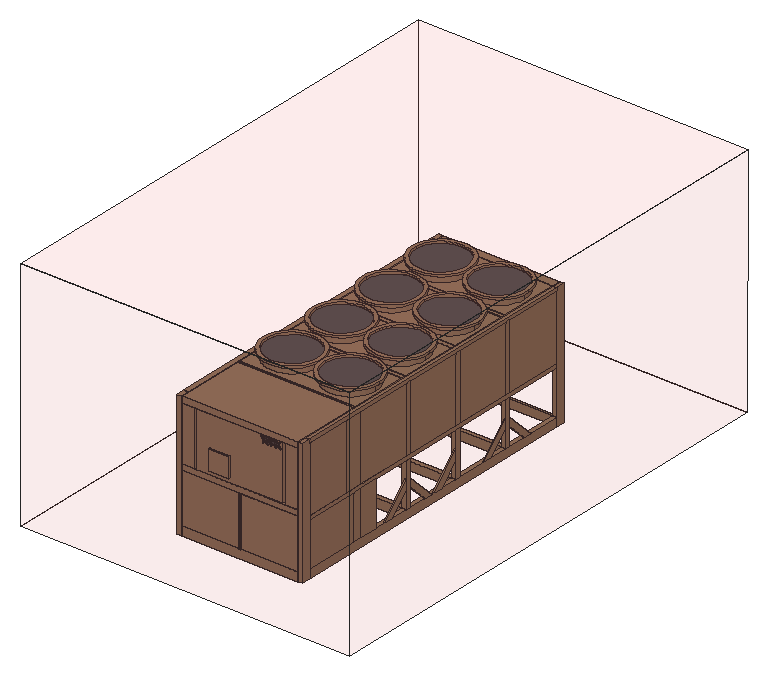
Revit family
Parameters (values of type "157 Ton - S - 200V/60Hz/3Ph")
  Width = 88 1/8"
  Water Supply Connection Offset Return _ On Center = 84 1/2"
  Water Return Connection Offset Front _ On Center = 112 205/256"
  Total Cooling Capacity [instance] = 0.00 ton
  Right Side Connections [instance] = not(Left Side Connections)  # no
  Refrigerant Used = ""
  Power Factor = 0.8  # constant formula
  Optional Sound Panels [instance] = yes
  Number of Fans = 8
  Number of Compressors = 2
  Number of Circuits = 2
  Nominal Cooling Capacity = 0.00 ton
  Minimum Design Evaporator Flow = 0 GPM
  Maximum Design Evaporator Flow = 748 GPM
  Left Side Connections [instance] = yes
  Frame Finish = Paint - JCI - Powder - Brown
  Family Revision Date = "06/01/2010"  # constant formula
  Evaporator Water Connection Radius = Evaporator Water Connection Diameter / 2  # 5"
  Water Outlet Description = "Water Supply Connector"  # constant formula
  Water Inlet Description = "Water Return Connector"  # constant formula
  Water Connection Offset Left = 28 13/128"
  Water Connection Offset Bottom _ On Center = 19 13/128"
  Voltage = 0 V
  URL = "http://www.johnsoncontrols.com/publish/us/en.html"
  System Two Compressor One Running Load Current = 0 A
  System One Compressor One Running Load Current = 0 A
  Serial Number [instance] = ""
  Refrigerant Charge System Two = 170.00 lbf
  Refrigerant Charge System One = 170.00 lbf
  Product Page URL = "http://www.johnsoncontrols.com/publish/us/en/products/building_efficiency/integrated_hvac_systems/Industrial___Commercial_HVAC_Equipment/chiller_products/screw__air-cooled0.html"
  Product Documentation Link = "http://www.johnsoncontrols.com/publish/etc/medialib/jci/be/integrated_hvac_systems/hvac_equipment/chiller_products/aircooledscrew.Par.53612.File.dat/EngineeringGuide20123.pdf"
  Outdoor Ambient Temperature [instance] = -459.67 °F
  OmniClass Title = "Rotary-Screw Water Chillers"  # constant formula
  OmniClass Number = "23.75.10.24.21.21.21"  # constant formula
  Number of Poles = 3
  Model = "YCIV0157SA17"
  Minimum Circuit Current = 0 A
  Maximum Overcurrent Protection = 0 A
  Manufacturer = "Johnson Controls, Inc."  # constant formula
  Length = 230"
  Leaving Chilled Water Temperature [instance] = -459.67 °F
  Keynote = "15700"
  Integrated Part Load Value = 0
  Height = 93 15/16"
  Frequency = 60 Hz  # constant formula
  Frame Material = Metal - York - Galvanized Steel
  Frame Height = Height - 6"  # 87 15/16"
  Fan Guard Material = Plastic - York - PVC - Coated
  Evaporator Water Volume = 0.0 gal
  Evaporator Water Connection Diameter = 10"
  Evaporator Radius = Water Connection Offset Bottom _ On Center - 6"  # 13 13/128"
  Evaporator Pressure Drop [instance] = 0.00 psi
  Evaporator Offset Left = Width / 2 - Water Connection Offset Left  # 15 123/128"
  Evaporator Material = Metal - York - Steel
  Evaporator Length = 110"  # constant formula
  Evaporator Angle [instance] = if(Left Side Connections, 90.00°, 270.00°)  # 90.00°
  Energy Efficiency Rating = 0
  Electrical Connector Description = "Electrical Supply Connector"  # constant formula
  Description = "Air-Cooled Screw Compressor Liquid Chiller"  # constant formula
  Copyright © = "Copyright © 2001-2009 Johnson Controls"  # constant formula
  Control KVA = 1.80 kVA  # 1800.00 VA
  Connector Offset [instance] = if(Left Side Connections, 60 1/32", 28 3/32")  # 60 1/32"
  Connector Angle [instance] = if(Left Side Connections, 180.00°, 0.00°)  # 180.00°
  Condenser Fins per Inch = 17  # constant formula
  Condenser Fan Full Load Current = 0 A
  Condenser Coil Row Count = 3  # constant formula
  Compressor Power [instance] = 0.00 kVA
  Compressor Material = Metal - York - Steel - Black Coated
  Clearance Visibility [instance] = yes
  Clearance Offset Top = 72"  # constant formula
  Clearance Offset Right = 72"  # constant formula
  Clearance Offset Left = 72"  # constant formula
  Clearance Offset Front = 48"  # constant formula
  Clearance Offset Bottom = 0"  # constant formula
  Clearance Offset Back = 72"  # constant formula
  Assembly Code = "D3030100"
  Apparent Load = 1800.00 VA
  Actual Evaporator Supply Flow [instance] = 0 GPM
  Actual Evaporator Return Flow [instance] = 0 GPM
Reference planes (in)
  plane 1 "Center (Front/Back)": y = -5
  plane 2 "Bottom": z = 0
  plane 3 "Center (Left/Right)": x = -3.09675
  plane 4 "Left": x = -47.15925
  plane 5 "Right": x = 40.96575
  plane 6 "Back": y = 110
  plane 7 "Front": y = -120
  plane 8 "Top": z = 93.9375
  plane 9 "Fan Row One": y = -48.48125
  plane 10 "Fan Row Two": y = -4.8125
  plane 11 "Fan Row Three": y = 38.84375
  plane 12 "Fan Row Four": y = 82.5
  plane 13 "Fan Column One": x = -23.628
  plane 14 "Fan Column Two": x = 17.4345
  plane 15 "Logo Inset": x = 18.4345
  plane 16 "Logo Elevation": z = 82.9375
  plane 17 "Frame Floor": z = 6
  plane 18 "Water In Depth": y = -7.19922
  plane 19 "Water Out Depth": y = 77.30078
  plane 20 "Water Connectors Inside Depth": x = -19.05768
  plane 21 "Water Connection Height": z = 19.10156
  plane 22 "Compressors": y = -54
  plane 23 "Frame Top": z = 87.9375
  plane 24 "Top Frame Bottom": z = 83.9375
  plane 25 "Middle Frame Front": z = 41.3125
  plane 26 "Middle Frame Bottom": z = 37
  plane 27 "Connection Reference": x = -19.0655
Forms (in)
  Revolve 1, void
    sketch origin (0, -7.19922, 0) x (-1, 0, 0) y (0, 0, 1)
      loop
        line (19.05768, 19.10156) -> (17.80768, 19.10156) -> (17.80768, 17.85156) -> (19.05768, 17.85156) -> (19.05768, 19.10156)
      axis (19.05768, 19.10156) -> (17.80768, 19.10156)
    angle from 0 to 360
  Revolve 2, void
    sketch origin (0, 77.30078, 0) x (-1, 0, 0) y (0, 0, 1)
      loop
        line (19.05768, 19.10156) -> (19.05768, 20.85156) -> (17.80768, 20.85156) -> (17.80768, 19.10156) -> (19.05768, 19.10156)
      axis (17.80768, 19.10156) -> (19.05768, 19.10156)
    angle from 0 to 360
Dimensions and locks (in)
  equal spacing: plane 4 "Left", plane 3 "Center (Left/Right)", plane 5 "Right"
  "Width": plane 4 "Left" to plane 5 "Right"
  equal spacing: plane 6 "Back", plane 1 "Center (Front/Back)", plane 7 "Front"
  "Length": plane 6 "Back" to plane 7 "Front"
  "Height": plane 8 "Top" to plane 2 "Bottom"
  locked: plane 7 "Front" to plane 9 "Fan Row One" at 71.51875
  locked: plane 9 "Fan Row One" to plane 10 "Fan Row Two" at 43.66875
  locked: plane 10 "Fan Row Two" to plane 11 "Fan Row Three" at 43.65625
  locked: plane 11 "Fan Row Three" to plane 12 "Fan Row Four" at 43.65625
  locked: plane 14 "Fan Column Two" to plane 5 "Right" at 23.53125
  locked: plane 4 "Left" to plane 13 "Fan Column One" at 23.53125
  locked: plane 8 "Top" to plane 16 "Logo Elevation" at 11
  locked: plane 17 "Frame Floor" to plane 2 "Bottom" at 6
  "Water Return Connection Offset Front _ On Center": plane 18 "Water In Depth" to plane 7 "Front"
  "Water Supply Connection Offset Return _ On Center": plane 19 "Water Out Depth" to plane 18 "Water In Depth"
  "Water Connection Offset Left": plane 4 "Left" to plane 20 "Water Connectors Inside Depth"
  "Water Connection Offset Bottom _ On Center": plane 21 "Water Connection Height" to plane 2 "Bottom"
  locked: plane 7 "Front" to plane 22 "Compressors" at 66
  locked: plane 15 "Logo Inset" to plane 5 "Right" at 22.53125
  "Frame Height": plane 23 "Frame Top" to plane 2 "Bottom"
  "Evaporator Offset Left": Revolve 1 sketch curve to Revolve 1 sketch curve
  locked: Revolve 1 sketch curve to Revolve 1 sketch curve at 1.25  (x2)
  "Evaporator Offset Left": Revolve 2 sketch curve to Revolve 2 sketch curve
  locked: Revolve 2 sketch curve to Revolve 2 sketch curve at 1.25
  locked: Revolve 2 sketch curve to Revolve 2 sketch curve at 1.75
  "Connector Offset": plane 27 "Connection Reference" to plane 5 "Right"
  "Evaporator Angle": angle plane 21 "Water Connection Height" to nested 10
  "Connector Angle": angle Revolve 1 sketch curve to plane 21 "Water Connection Height"
  locked: Revolve 1 sketch curve to Revolve 1 sketch curve (angle 90.00°)  (x4)
  "Connector Angle": angle plane 21 "Water Connection Height" to Revolve 2 sketch curve
  locked: Revolve 2 sketch curve to Revolve 2 sketch curve (angle 90.00°)  (x4)
  aligned and locked: nested 1 to plane 13 "Fan Column One"
  aligned and locked: nested 1 to plane 9 "Fan Row One"
  aligned and locked: nested 2 to plane 9 "Fan Row One"
  aligned and locked: nested 2 to plane 14 "Fan Column Two"
  aligned and locked: nested 8 to plane 12 "Fan Row Four"
  aligned and locked: nested 7 to plane 12 "Fan Row Four"
  aligned and locked: nested 6 to plane 11 "Fan Row Three"
  aligned and locked: nested 5 to plane 11 "Fan Row Three"
  aligned and locked: nested 3 to plane 10 "Fan Row Two"
  aligned and locked: nested 4 to plane 10 "Fan Row Two"
  aligned and locked: nested 8 to plane 14 "Fan Column Two"
  aligned and locked: nested 5 to plane 14 "Fan Column Two"
  aligned and locked: nested 4 to plane 14 "Fan Column Two"
  aligned and locked: nested 7 to plane 13 "Fan Column One"
  aligned and locked: nested 6 to plane 13 "Fan Column One"
  aligned and locked: nested 3 to plane 13 "Fan Column One"
  aligned and locked: plane 16 "Logo Elevation" to nested 9
  aligned and locked: plane 7 "Front" to nested 9
  aligned and locked: nested 9 to plane 15 "Logo Inset"
  aligned and locked: nested 10 to plane 18 "Water In Depth"
  aligned and locked: plane 4 "Left" to nested 11
  aligned and locked: plane 6 "Back" to nested 11
  aligned and locked: plane 17 "Frame Floor" to nested 11
  aligned and locked: plane 17 "Frame Floor" to nested 12
  aligned and locked: plane 17 "Frame Floor" to nested 13
  aligned and locked: nested 12 to plane 22 "Compressors"
  aligned and locked: nested 13 to plane 22 "Compressors"
  aligned and locked: plane 14 "Fan Column Two" to nested 13
  aligned and locked: plane 13 "Fan Column One" to nested 12
  aligned and locked: nested 14 to plane 5 "Right"
  aligned and locked: plane 7 "Front" to nested 14
  aligned and locked: nested 15 to plane 4 "Left"
  aligned and locked: plane 2 "Bottom" to nested 15
  aligned and locked: plane 19 "Water Out Depth" to nested 16
  aligned and locked: plane 3 "Center (Left/Right)" to nested 16
  aligned and locked: plane 8 "Top" to nested 2
  aligned and locked: plane 8 "Top" to nested 1
  aligned and locked: plane 8 "Top" to nested 4
  aligned and locked: plane 8 "Top" to nested 3
  aligned and locked: plane 8 "Top" to nested 5
  aligned and locked: plane 8 "Top" to nested 6
  aligned and locked: plane 8 "Top" to nested 8
  aligned and locked: plane 8 "Top" to nested 7
  aligned and locked: nested 17 to plane 1 "Center (Front/Back)"
  aligned and locked: nested 17 to plane 3 "Center (Left/Right)"
  aligned and locked: nested 17 to plane 2 "Bottom"
  aligned and locked: nested 10 to plane 3 "Center (Left/Right)"
  aligned and locked: plane 21 "Water Connection Height" to nested 10
  aligned and locked: plane 3 "Center (Left/Right)" to Revolve 1 sketch curve
  aligned and locked: plane 21 "Water Connection Height" to Revolve 1 sketch curve
  aligned and locked: Revolve 1 sketch curve to Revolve 1 sketch curve  (x2)
  aligned and locked: plane 3 "Center (Left/Right)" to Revolve 2 sketch curve
  aligned and locked: plane 21 "Water Connection Height" to Revolve 2 sketch curve
  aligned and locked: Revolve 2 sketch curve to Revolve 2 sketch curve
  aligned and locked: nested 18 to plane 7 "Front"
  aligned and locked: nested 18 to plane 3 "Center (Left/Right)"
  aligned and locked: nested 19 to plane 5 "Right"
  aligned and locked: nested 19 to plane 2 "Bottom"
  aligned and locked: plane 3 "Center (Left/Right)" to nested 20
  aligned and locked: nested 20 to plane 19 "Water Out Depth"
  aligned and locked: nested 20 to plane 21 "Water Connection Height"
Automatic sketch dimensions
  Revolve 2 sketch curve to plane 21 "Water Connection Height" = 0"
Nested families (in)
  nested 1: "Fan_Guard-York-YCIV" at (-23.628, -48.48125, 87.9375), type "Fan Guard"
  nested 2: "Fan_Guard-York-YCIV" at (17.4345, -48.48125, 87.9375), type "Fan Guard"
  nested 3: "Fan_Guard-York-YCIV" at (-23.628, -4.8125, 87.9375), type "Fan Guard"
  nested 4: "Fan_Guard-York-YCIV" at (17.4345, -4.8125, 87.9375), type "Fan Guard"
  nested 5: "Fan_Guard-York-YCIV" at (17.4345, 38.84375, 87.9375), type "Fan Guard"
  nested 6: "Fan_Guard-York-YCIV" at (-23.628, 38.84375, 87.9375), type "Fan Guard"
  nested 7: "Fan_Guard-York-YCIV" at (-23.628, 82.5, 87.9375), type "Fan Guard"
  nested 8: "Fan_Guard-York-YCIV" at (17.4345, 82.5, 87.9375), type "Fan Guard"
  nested 9: "Logo-York-YCAV Lettering" at (18.4345, -120.25, 78.9375), type "Logo"
  nested 10: "Evaporator-York-Small" at (-3.09675, 35.05078, 19.10156) x (-1, 0, 0) z (0, 0, 1), type "Evaporator"
    with Width 84 1/2", Water Pipe Radius 5", Water Connection Offset Right 15 123/128", Length 110", Evaporator Radius 13 13/128"
  nested 11: "Box_Frame-York-YCIV-4_Row" at (-3.09675, -5, 0), type "4 Row Box"
  nested 12: "Compressor-York-Screw" at (-31.628, -72, 6), type "Compressor"
  nested 13: "Compressor-York-Screw" at (25.4345, -72, 6), type "Compressor"
  nested 14: "Liquid Chiller, Direct Expansion Plan View" at (-40.62702, 5.59431, 0), visible <- "Left Side Connections", type "Liquid Chiller, Direct Expansion"
    with Pipe Gap 84 1/2"
  nested 15: "Liquid Chiller, Direct Expansion Right View" at (-33.23038, -5, 28.69587) x (1, 0, 0) z (0, -1, 0), visible <- "Left Side Connections", type "Liquid Chiller, Direct Expansion Right View"
    with Pipe Height 19 13/128", Pipe Depth 44 1/16", Height 87 15/16", Depth 88 1/8", Arrow Width 4.40156", Arrow Length 17.60625", Arrow Height 1.10039", Arrow Depth 8.80313"
  nested 16: "Liquid Chiller, Direct Expansion 3_D" at (-25.128, 35.05078, 0) x (0, -1, 0) z (0, 0, 1), visible <- "Left Side Connections", type "Liquid Chiller, Direct Expansion 3_D"
    with Width 84 1/2", Right Pipe Elevation 19 13/128", Left Pipe Elevation 19 13/128", Depth 44 1/16"
  nested 17: "Include Clearance" at (-3.09675, -5, 0), visible <- "Clearance Visibility", type "Include Clearance"
    with Width 88 1/8", Height 93 15/16", Depth 230", Clearance Top 72", Clearance Right 72", Clearance Left 72", Clearance Front 48", Clearance Bottom 0", Clearance Back 72"
  nested 18: "Liquid Chiller, Direct Expansion Plan View" at (34.43353, 5.59431, 0) x (-1, 0, 0) z (0, 0, 1), visible <- "Right Side Connections", type "Liquid Chiller, Direct Expansion"
    with Pipe Gap 84 1/2"
  nested 19: "Liquid Chiller, Direct Expansion Right View" at (27.03689, -5, 28.69587) x (-1, 0, 0) z (0, -1, 0), visible <- "Right Side Connections", type "Liquid Chiller, Direct Expansion Right View"
    with Pipe Height 19 13/128", Pipe Depth 44 1/16", Height 87 15/16", Depth 88 1/8", Arrow Width 4.40156", Arrow Length 17.60625", Arrow Height 1.10039", Arrow Depth 8.80313"
  nested 20: "Liquid Chiller, Direct Expansion 3_D" at (18.9345, 35.05078, 0) x (0, -1, 0) z (0, 0, 1), visible <- "Right Side Connections", type "Liquid Chiller, Direct Expansion 3_D"
    with Width 84 1/2", Right Pipe Elevation 19 13/128", Left Pipe Elevation 19 13/128", Depth 44 1/16"
Connectors (in)
  electrical at (-14.0625, -121, 55.3125), driven by "Power Factor", driven by "Voltage", driven by "Number of Poles", driven by "Electrical Connector Description", driven by "Apparent Load"
    settings: on nested 11, index 3
  piping at (-19.05768, -7.19922, 19.10156), driven by "Actual Evaporator Return Flow", driven by "Evaporator Water Connection Radius", driven by "Water Inlet Description"
    settings: on Revolve 1, index 4
  piping at (-19.05768, 77.30078, 19.10156), driven by "Actual Evaporator Supply Flow", driven by "Evaporator Pressure Drop", driven by "Evaporator Water Connection Radius", driven by "Water Outlet Description"
    settings: on Revolve 2, index 5
Definition of nested family "Fan_Guard-York-YCIV"
  Parameters (values of type "Fan Guard")
    Width = 40 11/16"  # constant formula
    Model = "York YCIV Fan Guard"  # constant formula
    Manufacturer = "York"  # constant formula
    Box Frame Material = Metal - York - Galvanized Steel
    Assembly Code = ""
  Reference planes (in)
    plane 1 "Center (Front/Back)": y = 0
    plane 2 "Fan Guard Bottom": z = 0
    plane 3 "Center (Left/Right)": x = 0
    plane 4 "Fan Guard Top": z = 4.6875
    plane 5 "Fan Rim Top": z = 6
    plane 6 "Front": y = -20.34375
    plane 7 "Back": y = 20.34375
    plane 8 "Back Inset": y = 17.90625
    plane 9 "Front Inset": y = -17.9
    plane 10 "Left": x = -20.34375
    plane 11 "Right Inset": x = 17.89844
    plane 12 "Right": x = 20.34375
    plane 13 "Left Inset": x = -17.89844
  Forms (in)
    Sweep 1, solid, material "Metal - York - Galvanized Steel" <- "Box Frame Material", detail levels fine
      path origin (0, 0, 0) x (1, 0, 0) y (0, 0, 1)
        loop
          line (0, 0) -> (0, 4.6875)
      profile origin (0, 0, 2.34375) x (-1, 0, 0) y (0, -1, 0)
        loop
          circle (0, 0) r 17.90625
    Sweep 2, solid, material "Metal - York - Galvanized Steel" <- "Box Frame Material", detail levels fine
      path origin (0, 0, 0) x (1, 0, 0) y (0, 0, 1)
        loop
          line (0, 4.6875) -> (0, 6)
      profile origin (0, 0, 5.34375) x (-1, 0, 0) y (0, -1, 0)
        loop
          circle (0, 0) r 20.25
        loop
          circle (0, 0) r 17.90625
  Lines and regions (in)
    Masking region 1, detail levels fine
      outline origin (0, 0, 0) x (1, 0, 0) y (0, 0, 1)
        loop
          line (20.34375, 6) -> (-20.34375, 6) -> (-20.34375, 4.6875) -> (20.34375, 4.6875) -> (20.34375, 6)
    Masking region 2, detail levels medium+fine
      outline origin (0, 0, 0) x (1, 0, 0) y (0, 0, 1)
        loop
          line (17.89844, 4.6875) -> (-17.89844, 4.6875) -> (-17.89844, 0) -> (17.89844, 0) -> (17.89844, 4.6875)
    Masking region 3, detail levels fine
      outline origin (0, 0, 0) x (0, 1, 0) y (0, 0, 1)
        loop
          line (20.34375, 6) -> (-20.34375, 6) -> (-20.34375, 4.6875) -> (20.34375, 4.6875) -> (20.34375, 6)
    Masking region 4, detail levels medium+fine
      outline origin (0, 0, 0) x (0, 1, 0) y (0, 0, 1)
        loop
          line (17.90625, 4.6875) -> (-17.9, 4.6875) -> (-17.9, 0) -> (17.90625, 0) -> (17.90625, 4.6875)
    symbolic lines, style "Fan Guard Medium", detail levels medium+fine
      curve 1: circle (0, 0, 0) r 20.25 normal (0, 0, 1)
    symbolic lines, style "Fan Guard Fine", detail levels fine
      curve 2: circle (0, 0, 0) r 18 normal (0, 0, 1)
    model lines, style "Fan Guard Fine", detail levels medium
      curve 3: circle (0, 0, 4.6875) r 17.90625 normal (0, 0, 1)
      curve 4: circle (0, 0, 0) r 17.90625 normal (0, 0, 1)
  Dimensions and locks (in)
    locked: plane 5 "Fan Rim Top" to plane 2 "Fan Guard Bottom" at 6
    locked: plane 5 "Fan Rim Top" to plane 4 "Fan Guard Top" at 1.3125
    equal spacing: plane 6 "Front", plane 1 "Center (Front/Back)", plane 7 "Back"
    "Width": plane 6 "Front" to plane 7 "Back"
    equal spacing: plane 10 "Left", plane 3 "Center (Left/Right)", plane 12 "Right"
    "Width": plane 10 "Left" to plane 12 "Right"
    locked: plane 6 "Front" to plane 9 "Front Inset" at 2.44375
    locked: plane 8 "Back Inset" to plane 7 "Back" at 2.4375
    locked: plane 10 "Left" to plane 13 "Left Inset" at 2.44531
    locked: plane 11 "Right Inset" to plane 12 "Right" at 2.44531
    locked: plane 1 "Center (Front/Back)" to Sweep 1 sketch curve at 17.90625
    locked: plane 3 "Center (Left/Right)" to Sweep 1 sketch curve at 17.90625
    locked: plane 1 "Center (Front/Back)" to Sweep 2 sketch curve at 17.90625
    locked: plane 3 "Center (Left/Right)" to Sweep 2 sketch curve at 17.90625
    locked: plane 3 "Center (Left/Right)" to Sweep 2 sketch curve at 20.25
    locked: Sweep 2 sketch curve to plane 1 "Center (Front/Back)" at 20.25
    locked: plane 1 "Center (Front/Back)" to curve 2 at 18
    locked: plane 3 "Center (Left/Right)" to curve 2 at 18
    locked: curve 1 to plane 1 "Center (Front/Back)" at 20.25
    locked: curve 1 to plane 3 "Center (Left/Right)" at 20.25
    plane 1 "Center (Front/Back)" to curve 3 = 17 29/32"
    plane 3 "Center (Left/Right)" to curve 3 = 17 29/32"
    radius of curve 3 = 17 29/32"
    aligned and locked: Masking region 2 to plane 2 "Fan Guard Bottom"
    aligned and locked: plane 4 "Fan Guard Top" to Sweep 1
    aligned and locked: plane 4 "Fan Guard Top" to Sweep 1 sketch curve
    aligned and locked: plane 2 "Fan Guard Bottom" to Sweep 1 sketch curve
    aligned and locked: plane 4 "Fan Guard Top" to Masking region 4 sketch curve
    aligned and locked: plane 9 "Front Inset" to Masking region 4 sketch curve
    aligned and locked: Masking region 4 sketch curve to plane 8 "Back Inset"
    aligned and locked: Masking region 4 sketch curve to plane 2 "Fan Guard Bottom"
    aligned and locked: plane 6 "Front" to Masking region 3 sketch curve
    aligned and locked: Masking region 3 sketch curve to plane 4 "Fan Guard Top"
    aligned and locked: plane 5 "Fan Rim Top" to Masking region 3 sketch curve
    aligned and locked: Masking region 3 sketch curve to plane 7 "Back"
    aligned and locked: Masking region 2 sketch curve to plane 2 "Fan Guard Bottom"
    aligned and locked: plane 5 "Fan Rim Top" to Masking region 1 sketch curve
    aligned and locked: Masking region 1 sketch curve to plane 12 "Right"
    aligned and locked: plane 5 "Fan Rim Top" to Sweep 2 sketch curve
    aligned and locked: plane 4 "Fan Guard Top" to Sweep 2 sketch curve
    aligned and locked: plane 3 "Center (Left/Right)" to Sweep 2 sketch curve
    aligned and locked: plane 13 "Left Inset" to Masking region 2 sketch curve
    aligned and locked: Masking region 2 sketch curve to plane 11 "Right Inset"
    aligned and locked: plane 10 "Left" to Masking region 1 sketch curve
    aligned and locked: Masking region 1 sketch curve to plane 4 "Fan Guard Top"
    aligned and locked: curve 4 to Sweep 2
    aligned and locked: curve 3 to Sweep 2
    aligned and locked: plane 4 "Fan Guard Top" to Masking region 2
  Automatic sketch dimensions
    Sweep 1 sketch curve to plane 3 "Center (Left/Right)" = 0"
    plane 4 "Fan Guard Top" to Masking region 2 sketch curve = 0"
    Sweep 1 sketch curve to plane 1 "Center (Front/Back)" = 0"
    Sweep 2 sketch curve to Sweep 2 sketch curve = 0"
    Sweep 2 sketch curve to profile plane = 0"
    curve 1 to curve 2 = 0"
    curve 2 to plane 3 "Center (Left/Right)" = 0"
Definition of nested family "Logo-York-YCAV Lettering"
  Parameters (values of type "Logo")
    Model = "York Logo"  # constant formula
    Manufacturer = "York"  # constant formula
    Lettering Finish = Paint - York - Black
    Assembly Code = ""
  Reference planes (in)
    plane 1 "Center (Front/Back)": y = 0
    plane 2 "Lettering Bottom": z = 0
    plane 3 "Center (Left/Right)": x = 0
    plane 4 "Lettering Top": z = 4
    plane 5 "R Left": x = 0.25
    plane 6 "R Outside Right Leg": x = 3.75
    plane 7 "Left K": x = 4
    plane 8 "Right": x = 7.5
    plane 9 "R Left Inside": x = 1
    plane 10 "Y Top Point Right Outside": x = -2.98185
    plane 11 "Y Top Point Right Inside": x = -3.76815
    plane 12 "Left": x = -6.52542
    plane 13 "Back": y = 0.25
    plane 14 "Top Point of Y Left": x = -5.75
    plane 15 "Y Center": x = -4.75
    plane 16 "Y Left": x = -5.125
    plane 17 "Y Right": x = -4.375
    plane 18 "O Center": x = -1.75
    plane 19 "Y Top V": z = 2.57185
    plane 20 "R Right Inside Points": x = 2.68153
    plane 21 "R Right Inside Points Top": x = 2.75
    plane 22 "R Right Leg Inside": x = 3
    plane 23: x = 3.46911
    plane 24 "K Left Inside": x = 4.75
    plane 25 "Bottom K Point": x = 5.30549
    plane 26 "Right K Inside Point": x = 5.91136
    plane 27 "Top K Inside Point": x = 6.375
    plane 28 "Bottom K Inside Point": x = 6.58116
    plane 29 "Bottom of Inside R": z = 2.375
    plane 30 "Top of Bottom R": z = 1.625
    plane 31 "Left Point of Bottom K": z = 1.25
    plane 32 "Top Point of Bottom K": z = 1.82185
    plane 33 "Y Outside Edge Point": z = 2
    plane 34 "Top of R Inside": z = 3.25
  Forms (in)
    Extrusion 1, solid, material "Paint - York - Black" <- "Lettering Finish", detail levels fine
      sketch origin (1, 0, 0) x (1, 0, 0) y (0, 0, 1)
        loop
          line (-7.52542, 4) -> (-6.125, 2) -> (-6.125, 0) -> (-5.375, 0) -> (-5.375, 2) -> (-4, 4) -> (-4.76815, 4) -> (-5.75, 2.57185) -> (-6.75, 4) -> (-7.52542, 4)
      from 0 to -0.25
    Extrusion 2, solid, material "Paint - York - Black" <- "Lettering Finish", detail levels fine
      sketch origin (0.25, 0, 0) x (1, 0, 0) y (0, 0, 1)
        loop
          spline (-2, 0) -> (-1.54707, 0.06815) -> (-1.125, 0.26795) -> (-0.76256, 0.58579) -> (-0.48446, 1) -> (-0.30963, 1.48236) -> (-0.25, 2) -> (-0.30963, 2.51764) -> (-0.48446, 3) -> (-0.76256, 3.41421) -> (-1.125, 3.73205) -> (-1.54707, 3.93185) -> (-2, 4)
          spline (-2, 4) -> (-2.45293, 3.93185) -> (-2.875, 3.73205) -> (-3.23744, 3.41421) -> (-3.51554, 3) -> (-3.69037, 2.51764) -> (-3.75, 2) -> (-3.69037, 1.48236) -> (-3.51554, 1) -> (-3.23744, 0.58579) -> (-2.875, 0.26795) -> (-2.45293, 0.06815) -> (-2, 0)
        loop
          spline (-2, 3.25) -> (-2.25882, 3.20741) -> (-2.5, 3.08253) -> (-2.70711, 2.88388) -> (-2.86603, 2.625) -> (-2.96593, 2.32352) -> (-3, 2) -> (-2.96593, 1.67648) -> (-2.86603, 1.375) -> (-2.70711, 1.11612) -> (-2.5, 0.91747) -> (-2.25882, 0.79259) -> (-2, 0.75)
          spline (-2, 0.75) -> (-1.74118, 0.79259) -> (-1.5, 0.91747) -> (-1.29289, 1.11612) -> (-1.13397, 1.375) -> (-1.03407, 1.67648) -> (-1, 2) -> (-1.03407, 2.32352) -> (-1.13397, 2.625) -> (-1.29289, 2.88388) -> (-1.5, 3.08253) -> (-1.74118, 3.20741) -> (-2, 3.25)
      from 0 to -0.25
    Extrusion 3, solid, material "Paint - York - Black" <- "Lettering Finish", detail levels fine
      sketch origin (0, 0, 0) x (1, 0, 0) y (0, 0, 1)
        loop
          line (0.25, 4) -> (0.25, 0) -> (1, 0) -> (1, 1.625) -> (2.68153, 1.625)
          arc (2.68153, 1.625) -> (2.91791, 1.21558) -> (3, 0.75) r 1.36126
          line (3, 0.75) -> (3, 0) -> (3.75, 0) -> (3.75, 0.62628)
          arc (3.75, 0.62628) -> (3.71558, 1.33482) -> (3.46911, 2) r 2.32493
          arc (3.46911, 2) -> (3.71541, 3.11279) -> (3, 4) r 1.31499
          line (3, 4) -> (0.25, 4)
        loop
          line (2.75, 3.25) -> (1, 3.25) -> (1, 2.375) -> (2.75, 2.375)
          arc (2.75, 2.375) -> (2.98166, 2.8125) -> (2.75, 3.25) r 0.52895
      from 0 to -0.25
    Extrusion 4, solid, material "Paint - York - Black" <- "Lettering Finish", detail levels fine
      sketch origin (0, 0, 0) x (1, 0, 0) y (0, 0, 1)
        loop
          line (4, 4) -> (4, 0) -> (4.75, 0) -> (4.75, 1.25) -> (5.31223, 1.81223) -> (6.58116, 0) -> (7.5, 0) -> (5.875, 2.375) -> (7.5, 4) -> (6.375, 4) -> (4.75, 2.375) -> (4.75, 4) -> (4, 4)
      from 0 to -0.25
  Dimensions and locks (in)
    locked: plane 13 "Back" to plane 1 "Center (Front/Back)" at 0.25
    locked: plane 4 "Lettering Top" to plane 2 "Lettering Bottom" at 4
    locked: plane 1 "Center (Front/Back)" to plane 13 "Back" at 0.25
    locked: Extrusion 2 sketch curve to plane 18 "O Center" at 1.75
    locked: plane 33 "Y Outside Edge Point" to Extrusion 2 sketch curve at 2
    locked: Extrusion 2 sketch curve to plane 18 "O Center" at 1
    locked: plane 33 "Y Outside Edge Point" to Extrusion 2 sketch curve at 1.25
    aligned and locked: plane 13 "Back" to Extrusion 1
    aligned and locked: plane 13 "Back" to Extrusion 2
    aligned and locked: plane 13 "Back" to Extrusion 3
    aligned and locked: plane 13 "Back" to Extrusion 4
    aligned and locked: plane 4 "Lettering Top" to Extrusion 1
    aligned and locked: level to plane 2 "Lettering Bottom"
    aligned and locked: Extrusion 1 sketch curve to plane 4 "Lettering Top"  (x2)
    aligned and locked: plane 2 "Lettering Bottom" to Extrusion 1 sketch curve
    aligned and locked: plane 19 "Y Top V" to Extrusion 1 sketch curve  (x2)
    aligned and locked: plane 15 "Y Center" to Extrusion 1 sketch curve  (x2)
    aligned and locked: plane 14 "Top Point of Y Left" to Extrusion 1 sketch curve
    aligned and locked: plane 11 "Y Top Point Right Inside" to Extrusion 1 sketch curve  (x2)
    aligned and locked: plane 4 "Lettering Top" to Extrusion 1 sketch curve  (x2)
    aligned and locked: plane 17 "Y Right" to Extrusion 1 sketch curve
    aligned and locked: Extrusion 1 sketch curve to plane 17 "Y Right"
    aligned and locked: plane 16 "Y Left" to Extrusion 1 sketch curve  (x2)
    aligned and locked: plane 33 "Y Outside Edge Point" to Extrusion 1 sketch curve  (x2)
    aligned and locked: plane 5 "R Left" to Extrusion 3 sketch curve
    aligned and locked: plane 4 "Lettering Top" to Extrusion 3 sketch curve
    aligned and locked: Extrusion 3 sketch curve to plane 29 "Bottom of Inside R"
    aligned and locked: Extrusion 3 sketch curve to plane 30 "Top of Bottom R"
    aligned and locked: Extrusion 3 sketch curve to plane 2 "Lettering Bottom"  (x2)
    aligned and locked: plane 9 "R Left Inside" to Extrusion 3 sketch curve
    aligned and locked: Extrusion 3 sketch curve to plane 22 "R Right Leg Inside"
    aligned and locked: Extrusion 3 sketch curve to plane 6 "R Outside Right Leg"
    aligned and locked: plane 23 to Extrusion 3 sketch curve  (x2)
    aligned and locked: plane 33 "Y Outside Edge Point" to Extrusion 3 sketch curve  (x2)
    aligned and locked: plane 21 "R Right Inside Points Top" to Extrusion 3 sketch curve  (x4)
    aligned and locked: Extrusion 3 sketch curve to plane 9 "R Left Inside"
    aligned and locked: Extrusion 4 sketch curve to plane 4 "Lettering Top"  (x2)
    aligned and locked: Extrusion 4 sketch curve to plane 7 "Left K"
    aligned and locked: plane 24 "K Left Inside" to Extrusion 4 sketch curve  (x4)
    aligned and locked: plane 2 "Lettering Bottom" to Extrusion 4 sketch curve  (x2)
    aligned and locked: plane 8 "Right" to Extrusion 4 sketch curve  (x2)
    aligned and locked: Extrusion 4 sketch curve to Extrusion 4 sketch curve  (x3)
    aligned and locked: plane 31 "Left Point of Bottom K" to Extrusion 4 sketch curve
    aligned and locked: plane 27 "Top K Inside Point" to Extrusion 4 sketch curve  (x2)
    aligned and locked: plane 28 "Bottom K Inside Point" to Extrusion 4 sketch curve
Definition of nested family "Evaporator-York-Small"
  Parameters (values of type "Evaporator")
    Width = 72"
    Water Pipe Radius = 3"
    Water Connection Offset Right = 12"
    Model = "YCIV Evaporator"  # constant formula
    Manufacturer = "York"  # constant formula
    Length = 96"
    Evaporator Radius = 8"
    Cylinder Material = Paint - York - Black
    Assembly Code = ""
  Reference planes (in)
    plane 1 "Center (Front/Back)": y = 0
    plane 2 "Middle": z = 0
    plane 3 "Center (Left/Right)": x = 0
    plane 4 "Evaporator Back": y = 48
    plane 5 "Evaporator Front": y = -48
    plane 6 "Back Connector": y = 36
    plane 7 "Front Connector": y = -36
    plane 8 "Left": x = -8
    plane 9 "Right": x = 8
    plane 10 "Top": z = 8
    plane 11 "Bottom": z = -8
    plane 12 "Connection Offset": x = 12
    plane 13 "Front Connector Back": y = -33
    plane 14 "Front Connector Front": y = -39
    plane 15 "Back Connector Back": y = 39
    plane 16 "Back Connector Front": y = 33
  Forms (in)
    Sweep 1, solid, material "Paint - York - Black" <- "Cylinder Material", detail levels fine
      path origin (0, 0, 0) x (1, 0, 0) y (0, 1, 0)
        loop
          line (0, -48) -> (0, 48)
      profile origin (0, 0, 0) x (-1, 0, 0) y (0, 0, 1)
        loop
          circle (0, 0) r 8
    Sweep 2, solid, material "Paint - York - Black" <- "Cylinder Material", detail levels fine
      path origin (0, 0, 0) x (1, 0, 0) y (0, 1, 0)
        loop
          line (0, 36) -> (12, 36)
      profile origin (6, 36, 0) x (0, 1, 0) y (0, 0, 1)
        loop
          circle (0, 0) r 3
    Sweep 3, solid, material "Paint - York - Black" <- "Cylinder Material", detail levels fine
      path origin (0, 0, 0) x (1, 0, 0) y (0, 1, 0)
        loop
          line (0, -36) -> (12, -36)
      profile origin (6, -36, 0) x (0, 1, 0) y (0, 0, 1)
        loop
          circle (0, 0) r 3
  Lines and regions (in)
    Masking region 1
      outline origin (0, 0, 0) x (1, 0, 0) y (0, 0, 1)
        loop
          arc (7.4162, 3) -> (-8, 0) -> (7.4162, -3) r 8
          line (7.4162, -3) -> (12, -3) -> (12, 3) -> (7.4162, 3)
    Masking region 2
      outline origin (0, 0, 0) x (0, 1, 0) y (0, 0, 1)
        loop
          line (48, 8) -> (-48, 8) -> (-48, -8) -> (48, -8) -> (48, 8)
    model lines, style "Evaporator Coarse", detail levels medium
      curve 1: circle (0, -48, 0) r 8 normal (0, 1, 0)
      curve 2: circle (0, 48, 0) r 8 normal (0, 1, 0)
      curve 3: line (0, -48, -8) -> (0, 48, -8)
      curve 4: line (0, 48, 8) -> (0, -48, 8)
      curve 5: line (-8, 48, 0) -> (-8, -48, 0)
      curve 6: line (8, 48, 0) -> (8, -48, 0)
      curve 7: line (12, 33, 0) -> (0, 33, 0)
      curve 8: line (0, -39, 0) -> (12, -39, 0)
      curve 9: circle (12, -36, 0) r 3 normal (-1, 0, 0)
      curve 10: circle (12, 36, 0) r 3 normal (-1, 0, 0)
      curve 26: line (0, -33, 0) -> (12, -33, 0)
      curve 27: line (0, 39, 0) -> (12, 39, 0)
    symbolic lines, style "Evaporator Coarse"
      curve 11: arc (5.80243, 48, -5.50743) -> (7.99728, 48, 0.2086) -> (5.50743, 48, 5.80243) r 8
    symbolic lines, style "Evaporator Medium"
      curve 12: circle (12, 36, 0) r 3 normal (-1, 0, 0)
      curve 13: circle (12, -36, 0) r 3 normal (-1, 0, 0)
    symbolic lines, style "MechanicalEquipmentHiddenLines"
      curve 14: line (-8, -48, 0) -> (-8, 48, 0)
      curve 15: line (-8, 48, 0) -> (8, 48, 0)
      curve 16: line (8, 48, 0) -> (8, 39, 0)
      curve 17: line (12, 39, 0) -> (12, 33, 0)
      curve 18: line (12, 33, 0) -> (8, 33, 0)
      curve 19: line (8, 33, 0) -> (8, -33, 0)
      curve 20: line (8, -33, 0) -> (12, -33, 0)
      curve 21: line (12, -33, 0) -> (12, -39, 0)
      curve 22: line (12, -39, 0) -> (8, -39, 0)
      curve 23: line (8, -39, 0) -> (8, -48, 0)
      curve 24: line (8, -48, 0) -> (-8, -48, 0)
      curve 25: line (8, 39, 0) -> (12, 39, 0)
  Dimensions and locks (in)
    equal spacing: plane 4 "Evaporator Back", plane 1 "Center (Front/Back)", plane 5 "Evaporator Front"
    "Length": plane 4 "Evaporator Back" to plane 5 "Evaporator Front"
    equal spacing: plane 8 "Left", plane 3 "Center (Left/Right)", plane 9 "Right"
    "Water Pipe Radius": Sweep 2 sketch curve to profile plane
    "Water Pipe Radius": Sweep 3 sketch curve to profile plane
    "Water Connection Offset Right": plane 3 "Center (Left/Right)" to plane 12 "Connection Offset"
    "Width": plane 7 "Front Connector" to plane 6 "Back Connector"
    equal spacing: plane 7 "Front Connector", plane 1 "Center (Front/Back)", plane 6 "Back Connector"
    "Evaporator Radius": Sweep 1 sketch curve to profile plane
    equal spacing: plane 10 "Top", plane 2 "Middle", plane 11 "Bottom"
    "Evaporator Radius": plane 10 "Top" to plane 2 "Middle"
    "Evaporator Radius": plane 9 "Right" to plane 3 "Center (Left/Right)"
    "Water Pipe Radius": Masking region 1 sketch curve to plane 2 "Middle"
    "Water Pipe Radius": plane 2 "Middle" to Masking region 1 sketch curve
    "Water Pipe Radius": plane 6 "Back Connector" to plane 16 "Back Connector Front"
    "Water Pipe Radius": plane 15 "Back Connector Back" to plane 6 "Back Connector"
    "Water Pipe Radius": plane 13 "Front Connector Back" to plane 7 "Front Connector"
    "Water Pipe Radius": plane 7 "Front Connector" to plane 14 "Front Connector Front"
    locked: curve 11 to curve 11 (angle 90.00°)
    aligned and locked: plane 3 "Center (Left/Right)" to Sweep 1 sketch curve
    aligned and locked: plane 2 "Middle" to Sweep 1
    aligned and locked: plane 2 "Middle" to level
    aligned and locked: Masking region 1 sketch curve to Sweep 1
    aligned and locked: Sweep 1 to Masking region 2 sketch curve
    aligned and locked: Masking region 2 sketch curve to Sweep 1
    aligned and locked: curve 1 to Sweep 1
    aligned and locked: curve 2 to Sweep 1
    aligned and locked: plane 3 "Center (Left/Right)" to curve 3
    aligned and locked: curve 4 to plane 3 "Center (Left/Right)"
    aligned and locked: curve 5 to plane 2 "Middle"
    aligned and locked: curve 6 to plane 2 "Middle"
    aligned and locked: Sweep 2 sketch curve to plane 6 "Back Connector"
    aligned and locked: Sweep 3 sketch curve to plane 7 "Front Connector"
    aligned and locked: plane 3 "Center (Left/Right)" to Sweep 2
    aligned and locked: plane 3 "Center (Left/Right)" to Sweep 3
    aligned and locked: curve 9 to Sweep 3
    aligned and locked: curve 10 to Sweep 2
    aligned and locked: plane 12 "Connection Offset" to Masking region 1 sketch curve
    aligned and locked: curve 11 to Sweep 1
    aligned and locked: curve 12 to Sweep 2
    aligned and locked: curve 13 to Sweep 3
    aligned and locked: curve 14 to plane 8 "Left"
    aligned and locked: curve 15 to plane 4 "Evaporator Back"
    aligned and locked: plane 9 "Right" to curve 16
    aligned and locked: plane 9 "Right" to curve 19
    aligned and locked: plane 5 "Evaporator Front" to curve 24
    aligned and locked: plane 9 "Right" to curve 23
    aligned and locked: plane 4 "Evaporator Back" to curve 5
    aligned and locked: plane 4 "Evaporator Back" to curve 6
    aligned and locked: plane 4 "Evaporator Back" to curve 3
    aligned and locked: plane 4 "Evaporator Back" to curve 4
    aligned and locked: plane 3 "Center (Left/Right)" to curve 7
    aligned and locked: plane 12 "Connection Offset" to curve 7
    aligned and locked: plane 5 "Evaporator Front" to curve 5
    aligned and locked: plane 5 "Evaporator Front" to curve 6
    aligned and locked: plane 5 "Evaporator Front" to curve 3
    aligned and locked: plane 5 "Evaporator Front" to curve 4
    aligned and locked: plane 3 "Center (Left/Right)" to curve 8
    aligned and locked: plane 12 "Connection Offset" to curve 8
    aligned and locked: plane 10 "Top" to Masking region 2 sketch curve
    aligned and locked: Masking region 2 sketch curve to plane 11 "Bottom"
    aligned and locked: plane 14 "Front Connector Front" to curve 22
    aligned and locked: plane 16 "Back Connector Front" to curve 7
    aligned and locked: plane 3 "Center (Left/Right)" to curve 27
    aligned and locked: plane 3 "Center (Left/Right)" to curve 26
    aligned and locked: plane 12 "Connection Offset" to curve 27
    aligned and locked: plane 12 "Connection Offset" to curve 26
    aligned and locked: curve 26 to plane 13 "Front Connector Back"
    aligned and locked: curve 27 to plane 15 "Back Connector Back"
  Automatic sketch dimensions
    Sweep 1 sketch curve to plane 5 "Evaporator Front" = 0"
    Sweep 1 sketch curve to plane 4 "Evaporator Back" = 0"
    Sweep 1 sketch curve to level = 0"
    Sweep 1 sketch curve to profile plane = 0"
    Sweep 2 sketch curve to plane 2 "Middle" = 0"
    Sweep 2 sketch curve to profile plane = 0"
    Sweep 3 sketch curve to plane 2 "Middle" = 0"
    Sweep 3 sketch curve to profile plane = 0"
    Sweep 2 sketch curve to plane 3 "Center (Left/Right)" = 0"
    Sweep 2 sketch curve to plane 12 "Connection Offset" = 0"
    Sweep 3 sketch curve to plane 3 "Center (Left/Right)" = 0"
    Sweep 3 sketch curve to plane 12 "Connection Offset" = 0"
    plane 4 "Evaporator Back" to curve 5 = 0"
    curve 5 to plane 5 "Evaporator Front" = 0"
    curve 6 to plane 4 "Evaporator Back" = 0"
    curve 6 to plane 5 "Evaporator Front" = 0"
    plane 9 "Right" to curve 11 = 2.19757"
Definition of nested family "Box_Frame-York-YCIV-4_Row"
  Parameters (values of type "5 Row Box")
    Width = 88 1/8"
    Sound Option = yes
    Model = "Adjustable Fan Box Frame"  # constant formula
    Manufacturer = "York"  # constant formula
    Length = 230"
    Height = 87 15/16"
    Condenser Coil Material = Metal - York - Aluminum
    Box Frame Material = Metal - York - Galvanized Steel
    Assembly Code = ""
  Reference planes (in)
    plane 1 "Center (Front/Back)": y = 0
    plane 2 "Box Bottom": z = 0
    plane 3 "Center (Left/Right)": x = 0
    plane 4 "Box Back": y = 115
    plane 5 "Box Front": y = -115
    plane 6 "Box Left": x = -44.0625
    plane 7 "Box Right": x = 44.0625
    plane 8 "Box Top": z = 87.9375
    plane 9 "Box Inset Left": x = -41.0625
    plane 10 "Box Inset Right": x = 41.0625
    plane 11 "Box Back Inset": y = 109
    plane 12 "Box Front Inset": y = -109
    plane 13 "Middle Bar Top": z = 40
    plane 14 "Middle Bar Bottom": z = 37
    plane 15 "Top Inset": z = 85.9375
    plane 16 "Box Bottom Inset": z = 6
    plane 17 "Column One Middle": y = -65.7
    plane 18 "Column Two Middle": y = -22.025
    plane 19 "Column 3 Middle": y = 21.65
    plane 20 "Column Four Middle": y = 65.325
    plane 21 "Column Four Front": y = 63.825
    plane 22 "Column Four Back": y = 66.825
    plane 23 "Column Three Front": y = 20.15
    plane 24 "Column Three Back": y = 23.15
    plane 25 "Column Two Front": y = -23.525
    plane 26 "Column Two Back": y = -20.525
    plane 27 "Column One Back": y = -64.2
    plane 28 "Top Column Front": y = -76.20237
    plane 29 "Front Bar Top": z = 45.3125
    plane 30 "Front Bar Bottom": z = 41.3125
    plane 31 "Access Panel Center": x = -14.0625
    plane 32 "Access Panel Bottom": z = 48.3125
    plane 33 "Access Panel Top": z = 62.3125
    plane 34 "Access Panel Left": x = -21.0625
    plane 35 "Access Panel Right": x = -7.0625
    plane 36 "Panel Front": y = -111
    plane 37 "Access Panel Front": y = -116
    plane 38 "Control Panel Right": x = 30
    plane 39 "Control Panel Left": x = -30
    plane 40 "Back Frame Inset": y = 111
    plane 41 "Bar Left of Control Panel": x = -32
    plane 42 "Bar Right of Control Panel": x = 32
    plane 43 "Front Bar Left": x = -1
    plane 44 "Front Bar Right": x = 1
    plane 45 "Side Framing Extra": y = -50.2
    plane 46 "Angle Support Five Back": y = 85.825
    plane 47 "Angle Support Five Front": y = 79.825
    plane 48 "Angle Support Top": z = 25
    plane 49 "Angle Support Inside Bottom": z = 19
    plane 50 "Angle Support Four Front": y = 44.825
    plane 51 "Angle Support Four Back": y = 50.825
    plane 52 "Angle Support Three Back": y = 7.15
    plane 53 "Angle Support Three Front": y = 1.15
    plane 54 "Angle Support Two Front": y = -7.525
    plane 55 "Angle Support Two Back": y = -1.525
    plane 56 "Angle Support One Back": y = -36.525
    plane 57 "Angle Support One Front": y = -42.525
    plane 58 "Angle Support Right": x = 43.0625
    plane 59 "Angle Support Left": x = -43.0625
    plane 60 "Column One Front": y = -70.2
    plane 61 "Top Front Inset": z = 83.9375
  Forms (in)
    Extrusion 1, solid, material "Metal - York - Galvanized Steel" <- "Box Frame Material", detail levels fine
      sketch origin (0, -116, 0) x (-1, 0, 0) y (0, 0, -1)
        loop
          line (21.0625, -62.3125) -> (21.0625, -48.3125) -> (7.0625, -48.3125) -> (7.0625, -62.3125) -> (21.0625, -62.3125)
      from 0 to -1
    Extrusion 2, solid, material "Metal - York - Galvanized Steel" <- "Box Frame Material", detail levels fine
      sketch origin (0, -115, 0) x (-1, 0, 0) y (0, 0, -1)
        loop
          line (30, -83.9375) -> (30, -45.3125) -> (-30, -45.3125) -> (-30, -83.9375) -> (30, -83.9375)
      from 0 to -4
    Extrusion 3, solid, material "Metal - York - Galvanized Steel" <- "Box Frame Material", detail levels fine
      sketch origin (0, -115, 0) x (-1, 0, 0) y (0, 0, -1)
        loop
          line (41.0625, -45.3125) -> (41.0625, -41.3125) -> (-41.0625, -41.3125) -> (-41.0625, -45.3125) -> (41.0625, -45.3125)
      from 0 to -4
    Extrusion 4, solid, material "Metal - York - Galvanized Steel" <- "Box Frame Material", detail levels fine
      sketch origin (0, -111, 0) x (-1, 0, 0) y (0, 0, -1)
        loop
          line (41.0625, -83.9375) -> (41.0625, -45.3125) -> (-41.0625, -45.3125) -> (-41.0625, -83.9375) -> (41.0625, -83.9375)
      from 0 to -2
    Extrusion 5, solid, material "Metal - York - Galvanized Steel" <- "Box Frame Material", detail levels fine
      sketch origin (0, 0, 45.3125) x (-1, 0, 0) y (0, -1, 0)
        loop
          line (44.0625, 109) -> (44.0625, 115) -> (41.0625, 115) -> (41.0625, 109) -> (44.0625, 109)
        loop
          line (-41.0625, 109) -> (-41.0625, 115) -> (-44.0625, 115) -> (-44.0625, 109) -> (-41.0625, 109)
        loop
          line (-41.0625, -115) -> (-41.0625, -109) -> (-44.0625, -109) -> (-44.0625, -115) -> (-41.0625, -115)
        loop
          line (44.0625, -115) -> (44.0625, -109) -> (41.0625, -109) -> (41.0625, -115) -> (44.0625, -115)
      from -45.3125 to 42.625
    Extrusion 6, solid, material "Metal - York - Galvanized Steel" <- "Box Frame Material", detail levels fine
      sketch origin (41.0625, 0, 0) x (0, -1, 0) y (0, 0, 1)
        loop
          line (115, 6) -> (109, 6) -> (109, 0) -> (115, 0) -> (115, 6)
        loop
          line (70.2, 6) -> (64.2, 6) -> (64.2, 0) -> (70.2, 0) -> (70.2, 6)
        loop
          line (23.525, 6) -> (20.525, 6) -> (20.525, 0) -> (23.525, 0) -> (23.525, 6)
        loop
          line (-20.15, 6) -> (-23.15, 6) -> (-23.15, 0) -> (-20.15, 0) -> (-20.15, 6)
        loop
          line (-63.825, 6) -> (-66.825, 6) -> (-66.825, 0) -> (-63.825, 0) -> (-63.825, 6)
        loop
          line (-109, 6) -> (-111, 6) -> (-111, 0) -> (-109, 0) -> (-109, 6)
      from 0 to 82.125
    Extrusion 7, solid, material "Metal - York - Galvanized Steel" <- "Box Frame Material", detail levels fine
      sketch origin (0, 0, 0) x (1, 0, 0) y (0, 0, 1)
        loop
          line (41.0625, 87.9375) -> (41.0625, 85.9375) -> (44.0625, 85.9375) -> (44.0625, 87.9375) -> (41.0625, 87.9375)
        loop
          line (-44.0625, 87.9375) -> (-44.0625, 85.9375) -> (-41.0625, 85.9375) -> (-41.0625, 87.9375) -> (-44.0625, 87.9375)
      from -109 to 109
    Extrusion 8, solid, material "Metal - York - Galvanized Steel" <- "Box Frame Material", detail levels fine
      sketch origin (0, 0, 0) x (1, 0, 0) y (0, 0, 1)
        loop
          line (41.0625, 40) -> (41.0625, 37) -> (44.0625, 37) -> (44.0625, 40) -> (41.0625, 40)
        loop
          line (41.0625, 6) -> (41.0625, 0) -> (44.0625, 0) -> (44.0625, 6) -> (41.0625, 6)
        loop
          line (-44.0625, 6) -> (-44.0625, 0) -> (-41.0625, 0) -> (-41.0625, 6) -> (-44.0625, 6)
        loop
          line (-44.0625, 40) -> (-44.0625, 37) -> (-41.0625, 37) -> (-41.0625, 40) -> (-44.0625, 40)
      from -109 to 109
    Extrusion 9, solid, material "Metal - York - Galvanized Steel" <- "Box Frame Material", detail levels fine
      sketch origin (41.0625, 0, 0) x (0, -1, 0) y (0, 0, 1)
        loop
          line (-115, 87.9375) -> (-115, 85.9375) -> (-109, 85.9375) -> (-109, 87.9375) -> (-115, 87.9375)
        loop
          line (-115, 40) -> (-115, 37) -> (-109, 37) -> (-109, 40) -> (-115, 40)
      from 0 to 82.125
    Extrusion 10, solid, material "Metal - York - Galvanized Steel" <- "Box Frame Material", detail levels fine
      sketch origin (0, 0, 37) x (-1, 0, 0) y (0, -1, 0)
        loop
          line (44.0625, -66.825) -> (44.0625, -63.825) -> (41.0625, -63.825) -> (41.0625, -66.825) -> (44.0625, -66.825)
        loop
          line (44.0625, -23.15) -> (44.0625, -20.15) -> (41.0625, -20.15) -> (41.0625, -23.15) -> (44.0625, -23.15)
        loop
          line (44.0625, 20.525) -> (44.0625, 23.525) -> (41.0625, 23.525) -> (41.0625, 20.525) -> (44.0625, 20.525)
        loop
          line (44.0625, 64.2) -> (44.0625, 70.2) -> (41.0625, 70.2) -> (41.0625, 64.2) -> (44.0625, 64.2)
        loop
          line (-41.0625, 64.2) -> (-41.0625, 70.2) -> (-44.0625, 70.2) -> (-44.0625, 64.2) -> (-41.0625, 64.2)
        loop
          line (-41.0625, 20.525) -> (-41.0625, 23.525) -> (-44.0625, 23.525) -> (-44.0625, 20.525) -> (-41.0625, 20.525)
        loop
          line (-41.0625, -23.15) -> (-41.0625, -20.15) -> (-44.0625, -20.15) -> (-44.0625, -23.15) -> (-41.0625, -23.15)
        loop
          line (-41.0625, -66.825) -> (-41.0625, -63.825) -> (-44.0625, -63.825) -> (-44.0625, -66.825) -> (-41.0625, -66.825)
      from -31 to 0
    Extrusion 11, solid, material "Metal - York - Galvanized Steel" <- "Box Frame Material", detail levels fine
      sketch origin (0, 0, 0) x (1, 0, 0) y (0, 0, 1)
        loop
          line (41.0625, 85.9375) -> (41.0625, 40) -> (44.0625, 40) -> (44.0625, 85.9375) -> (41.0625, 85.9375)
        loop
          line (-44.0625, 85.9375) -> (-44.0625, 40) -> (-41.0625, 40) -> (-41.0625, 85.9375) -> (-44.0625, 85.9375)
      from 76.20237 to 109
    Extrusion 12, solid, material "Metal - York - Galvanized Steel" <- "Box Frame Material", detail levels fine
      sketch origin (0, -65.7, 0) x (-1, 0, 0) y (0, 0, -1)
        loop
          line (41.0625, -87.9375) -> (41.0625, -83.9375) -> (-41.0625, -83.9375) -> (-41.0625, -87.9375) -> (41.0625, -87.9375)
      from 0 to 49.3
    Extrusion 13, solid, material "Metal - York - Aluminum" <- "Condenser Coil Material", detail levels fine
      sketch origin (0, 0, 37) x (-1, 0, 0) y (0, -1, 0)
        loop
          line (44.0625, 23.525) -> (44.0625, 64.2) -> (41.0625, 64.2) -> (41.0625, 23.525) -> (44.0625, 23.525)
        loop
          line (-41.0625, 23.525) -> (-41.0625, 64.2) -> (-44.0625, 64.2) -> (-44.0625, 23.525) -> (-41.0625, 23.525)
        loop
          line (-41.0625, -20.15) -> (-41.0625, 20.525) -> (-44.0625, 20.525) -> (-44.0625, -20.15) -> (-41.0625, -20.15)
        loop
          line (44.0625, -20.15) -> (44.0625, 20.525) -> (41.0625, 20.525) -> (41.0625, -20.15) -> (44.0625, -20.15)
        loop
          line (44.0625, -63.825) -> (44.0625, -23.15) -> (41.0625, -23.15) -> (41.0625, -63.825) -> (44.0625, -63.825)
        loop
          line (44.0625, -109) -> (44.0625, -66.825) -> (41.0625, -66.825) -> (41.0625, -109) -> (44.0625, -109)
        loop
          line (-41.0625, -63.825) -> (-41.0625, -23.15) -> (-44.0625, -23.15) -> (-44.0625, -63.825) -> (-41.0625, -63.825)
        loop
          line (-41.0625, -109) -> (-41.0625, -66.825) -> (-44.0625, -66.825) -> (-44.0625, -109) -> (-41.0625, -109)
      from 3 to 48.9375
    Extrusion 14, solid, material "Metal - York - Aluminum" <- "Condenser Coil Material", detail levels fine
      sketch origin (0, 0, 37) x (-1, 0, 0) y (0, -1, 0)
        loop
          line (44.0625, -66.825) -> (44.0625, -63.825) -> (41.0625, -63.825) -> (41.0625, -66.825) -> (44.0625, -66.825)
        loop
          line (-41.0625, -66.825) -> (-41.0625, -63.825) -> (-44.0625, -63.825) -> (-44.0625, -66.825) -> (-41.0625, -66.825)
        loop
          line (-41.0625, -23.15) -> (-41.0625, -20.15) -> (-44.0625, -20.15) -> (-44.0625, -23.15) -> (-41.0625, -23.15)
        loop
          line (44.0625, -23.15) -> (44.0625, -20.15) -> (41.0625, -20.15) -> (41.0625, -23.15) -> (44.0625, -23.15)
        loop
          line (44.0625, 20.525) -> (44.0625, 23.525) -> (41.0625, 23.525) -> (41.0625, 20.525) -> (44.0625, 20.525)
        loop
          line (-41.0625, 20.525) -> (-41.0625, 23.525) -> (-44.0625, 23.525) -> (-44.0625, 20.525) -> (-41.0625, 20.525)
        loop
          line (-41.0625, 64.2) -> (-41.0625, 76.20237) -> (-44.0625, 76.20237) -> (-44.0625, 64.2) -> (-41.0625, 64.2)
        loop
          line (44.0625, 64.2) -> (44.0625, 76.20237) -> (41.0625, 76.20237) -> (41.0625, 64.2) -> (44.0625, 64.2)
      from 3 to 48.9375
    Extrusion 15, solid, material "Metal - York - Aluminum" <- "Condenser Coil Material", detail levels fine
      sketch origin (0, 0, 0) x (0, 1, 0) y (0, 0, 1)
        loop
          line (-64.2, 87.9375) -> (-64.2, 85.9375) -> (-23.525, 85.9375) -> (-23.525, 87.9375) -> (-64.2, 87.9375)
        loop
          line (-20.525, 87.9375) -> (-20.525, 85.9375) -> (20.15, 85.9375) -> (20.15, 87.9375) -> (-20.525, 87.9375)
        loop
          line (23.15, 87.9375) -> (23.15, 85.9375) -> (63.825, 85.9375) -> (63.825, 87.9375) -> (23.15, 87.9375)
        loop
          line (66.825, 87.9375) -> (66.825, 85.9375) -> (109, 85.9375) -> (109, 87.9375) -> (66.825, 87.9375)
      from -41.0625 to 41.0625
    Extrusion 16, solid, material "Metal - York - Aluminum" <- "Condenser Coil Material", detail levels fine
      sketch origin (0, 0, 0) x (0, 1, 0) y (0, 0, 1)
        loop
          line (-65.7, 87.9375) -> (-65.7, 85.9375) -> (-64.2, 85.9375) -> (-64.2, 87.9375) -> (-65.7, 87.9375)
        loop
          line (-23.525, 87.9375) -> (-23.525, 85.9375) -> (-20.525, 85.9375) -> (-20.525, 87.9375) -> (-23.525, 87.9375)
        loop
          line (20.15, 87.9375) -> (20.15, 85.9375) -> (23.15, 85.9375) -> (23.15, 87.9375) -> (20.15, 87.9375)
        loop
          line (63.825, 87.9375) -> (63.825, 85.9375) -> (66.825, 85.9375) -> (66.825, 87.9375) -> (63.825, 87.9375)
      from -41.0625 to 41.0625
    Extrusion 17, solid, material "Metal - York - Aluminum" <- "Condenser Coil Material", detail levels fine
      sketch origin (0, 0, 0) x (0, 1, 0) y (0, 0, 1)
        loop
          line (109, 85.9375) -> (109, 40) -> (111, 40) -> (111, 85.9375) -> (109, 85.9375)
      from -41.0625 to 41.0625
    Extrusion 18, solid, material "Metal - York - Galvanized Steel" <- "Box Frame Material", detail levels fine
      sketch origin (0, -109, 0) x (-1, 0, 0) y (0, 0, -1)
        loop
          line (41.0625, -83.9375) -> (41.0625, -45.3125) -> (32, -45.3125) -> (32, -83.9375) -> (41.0625, -83.9375)
        loop
          line (-32, -83.9375) -> (-32, -45.3125) -> (-41.0625, -45.3125) -> (-41.0625, -83.9375) -> (-32, -83.9375)
      from 2 to 6
    Extrusion 19, solid, material "Metal - York - Galvanized Steel" <- "Box Frame Material", detail levels fine
      sketch origin (0, 0, 0) x (1, 0, 0) y (0, 1, 0)
        loop
          line (-1, -111) -> (-1, -115) -> (1, -115) -> (1, -111) -> (-1, -111)
      from 6 to 41.3125
    Extrusion 20, solid, material "Metal - York - Galvanized Steel" <- "Box Frame Material", detail levels fine
      sketch origin (0, 0, 0) x (0, 1, 0) y (0, 0, 1)
        loop
          line (79.825, 6) -> (85.825, 6) -> (66.825, 25) -> (66.825, 19) -> (79.825, 6)
        loop
          line (44.825, 6) -> (50.825, 6) -> (63.825, 19) -> (63.825, 25) -> (44.825, 6)
        loop
          line (20.15, 25) -> (1.15, 6) -> (7.15, 6) -> (20.15, 19) -> (20.15, 25)
        loop
          line (-20.525, 25) -> (-20.525, 19) -> (-7.525, 6) -> (-1.525, 6) -> (-20.525, 25)
        loop
          line (-23.525, 25) -> (-42.525, 6) -> (-36.525, 6) -> (-23.525, 19) -> (-23.525, 25)
      from 43.0625 to 44.0625
    Extrusion 21, solid, material "Metal - York - Galvanized Steel" <- "Box Frame Material", detail levels fine
      sketch origin (0, 0, 0) x (0, 1, 0) y (0, 0, 1)
        loop
          line (-23.525, 25) -> (-42.525, 6) -> (-36.525, 6) -> (-23.525, 19) -> (-23.525, 25)
        loop
          line (-20.525, 19) -> (-7.525, 6) -> (-1.525, 6) -> (-20.525, 25) -> (-20.525, 19)
        loop
          line (1.15, 6) -> (7.15, 6) -> (20.15, 19) -> (20.15, 25) -> (1.15, 6)
        loop
          line (63.825, 25) -> (44.825, 6) -> (50.825, 6) -> (63.825, 19) -> (63.825, 25)
        loop
          line (79.825, 6) -> (85.825, 6) -> (66.825, 25) -> (66.825, 19) -> (79.825, 6)
      from -44.0625 to -43.0625
    Extrusion 22, solid, material "Metal - York - Galvanized Steel" <- "Box Frame Material", visible <- "Sound Option", detail levels fine
      sketch origin (0, -109, 0) x (-1, 0, 0) y (0, 0, -1)
        loop
          line (41.0625, -41.3125) -> (41.0625, -6) -> (1, -6) -> (1, -41.3125) -> (41.0625, -41.3125)
        loop
          line (-1, -41.3125) -> (-1, -6) -> (-41.0625, -6) -> (-41.0625, -41.3125) -> (-1, -41.3125)
      from 0 to 6
    Extrusion 23, solid, material "Metal - York - Galvanized Steel" <- "Box Frame Material", visible <- "Sound Option", detail levels fine
      sketch origin (32, 0, 0) x (0, -1, 0) y (0, 0, 1)
        loop
          line (109, 37) -> (70.2, 37) -> (70.2, 6) -> (109, 6) -> (109, 37)
        loop
          line (64.2, 37) -> (50.2, 37) -> (50.2, 6) -> (64.2, 6) -> (64.2, 37)
      from -12.0625 to -9.0625
    Extrusion 24, solid, material "Metal - York - Galvanized Steel" <- "Box Frame Material", visible <- "Sound Option", detail levels fine
      sketch origin (-44.0625, 0, 0) x (0, -1, 0) y (0, 0, 1)
        loop
          line (50.2, 37) -> (50.2, 6) -> (64.2, 6) -> (64.2, 37) -> (50.2, 37)
        loop
          line (70.2, 37) -> (70.2, 6) -> (109, 6) -> (109, 37) -> (70.2, 37)
      from -3 to 0
  Lines and regions (in)
    Masking region 1, detail levels fine
      outline origin (0, 0, 62.3125) x (-1, 0, 0) y (0, -1, 0)
        loop
          line (21.0625, 115) -> (21.0625, 116) -> (7.0625, 116) -> (7.0625, 115) -> (21.0625, 115)
    Masking region 2, detail levels fine
      outline origin (0, 0, 0) x (0, 1, 0) y (0, 0, 1)
        loop
          line (-116, 62.3125) -> (-116, 48.3125) -> (-115, 48.3125) -> (-115, 62.3125) -> (-116, 62.3125)
    Masking region 3
      outline origin (0, -111, 0) x (-1, 0, 0) y (0, 0, -1)
        loop
          line (41.0625, -45.3125) -> (41.0625, -41.3125) -> (-41.0625, -41.3125) -> (-41.0625, -45.3125) -> (41.0625, -45.3125)
    Masking region 4, detail levels medium+fine
      outline origin (0, 0, 45.3125) x (-1, 0, 0) y (0, -1, 0)
        loop
          line (41.0625, 111) -> (41.0625, 115) -> (-41.0625, 115) -> (-41.0625, 111) -> (41.0625, 111)
    Masking region 5
      outline origin (0, -111, 0) x (-1, 0, 0) y (0, 0, -1)
        loop
          line (41.0625, -87.9375) -> (41.0625, -45.3125) -> (-41.0625, -45.3125) -> (-41.0625, -87.9375) -> (41.0625, -87.9375)
    Masking region 6
      outline origin (0, -115, 0) x (-1, 0, 0) y (0, 0, -1)
        loop
          line (44.0625, -87.9375) -> (44.0625, 0) -> (41.0625, 0) -> (41.0625, -87.9375) -> (44.0625, -87.9375)
        loop
          line (-41.0625, -87.9375) -> (-41.0625, 0) -> (-44.0625, 0) -> (-44.0625, -87.9375) -> (-41.0625, -87.9375)
    Masking region 7, detail levels medium+fine
      outline origin (0, 0, 87.9375) x (-1, 0, 0) y (0, -1, 0)
        loop
          line (44.0625, -115) -> (44.0625, -109) -> (41.0625, -109) -> (41.0625, -115) -> (44.0625, -115)
        loop
          line (-41.0625, -115) -> (-41.0625, -109) -> (-44.0625, -109) -> (-44.0625, -115) -> (-41.0625, -115)
        loop
          line (-41.0625, 109) -> (-41.0625, 115) -> (-44.0625, 115) -> (-44.0625, 109) -> (-41.0625, 109)
        loop
          line (44.0625, 109) -> (44.0625, 115) -> (41.0625, 115) -> (41.0625, 109) -> (44.0625, 109)
    Masking region 8
      outline origin (44.0625, 0, 0) x (0, -1, 0) y (0, 0, 1)
        loop
          line (115, 87.9375) -> (109, 87.9375) -> (109, 0) -> (115, 0) -> (115, 87.9375)
        loop
          line (-109, 87.9375) -> (-115, 87.9375) -> (-115, 0) -> (-109, 0) -> (-109, 87.9375)
    Masking region 9
      outline origin (0, 115, 0) x (-1, 0, 0) y (0, 0, 1)
        loop
          line (41.0625, 6) -> (-41.0625, 6) -> (-41.0625, 0) -> (41.0625, 0) -> (41.0625, 6)
    Masking region 10
      outline origin (44.0625, 0, 0) x (0, -1, 0) y (0, 0, 1)
        loop
          line (109, 87.9375) -> (-109, 87.9375) -> (-109, 85.9375) -> (109, 85.9375) -> (109, 87.9375)
        loop
          line (109, 40) -> (-109, 40) -> (-109, 37) -> (109, 37) -> (109, 40)
        loop
          line (109, 6) -> (-109, 6) -> (-109, 0) -> (109, 0) -> (109, 6)
    Masking region 11, detail levels medium+fine
      outline origin (0, 0, 85.9375) x (-1, 0, 0) y (0, -1, 0)
        loop
          line (44.0625, -109) -> (44.0625, 109) -> (41.0625, 109) -> (41.0625, -109) -> (44.0625, -109)
        loop
          line (-41.0625, -109) -> (-41.0625, 109) -> (-44.0625, 109) -> (-44.0625, -109) -> (-41.0625, -109)
